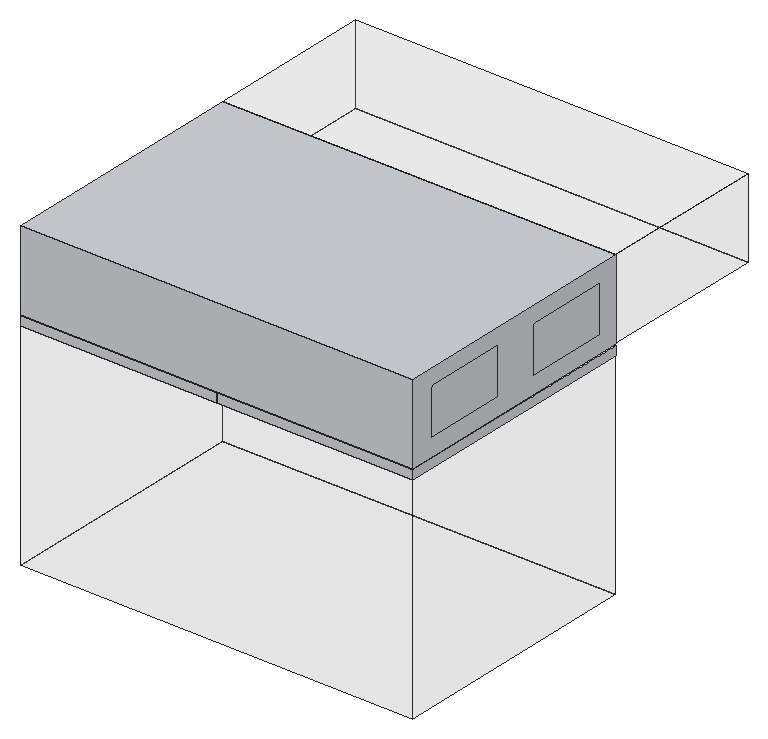
Revit family "AHU 3 _6", category Mechanické zařízení, Revit 2018
Family settings
  Kóta kulaté spojky = Použít průměr
  Typ dílu = Normální
  Číslo OmniClass = 23.75.00.00
  Nadpis OmniClass = Climate Control (HVAC)
  Založené na pracovní rovině = Ne
  Vždy vertikální = Ano
  Ořezat dutým tvarem při načtení = Ne
  Sdílené = Ne
  Bod výpočtu místnosti = Ne
Parameters (values of type "DUPLEXVENT Flexi (3G) DV1100 (RD5)")
  Width [instance] = 1.1 mm
  Weight [instance] = 169.00 kg
  URL = ""
  Type [instance] = "DUPLEXVENT Flexi (3G) DV1100 (RD5)"
  Total_SFP [instance] = 0
  Supply_outlet_hum [instance] = 27.1
  Supply_inlet_hum [instance] = 90
  Supply_ext_pressure [instance] = 200.0 Pa
  Supply_SFP [instance] = 0
  Source_adu_file [instance] = "C:\\\\Users\\\\dgavril\\\\OneDrive - Airflow Developments Ltd\\\\Desktop\\\\adu durley chine V4.adu"
  Recuperation_type [instance] = "Plate heat recovery exchanger"
  Recuperation_efficiency_EN308 [instance] = 77
  Project_name [instance] = "Durley Chine Passivhaus"
  Project_date [instance] = "13-08-2021"
  Power_supply_fusing [instance] = "0"
  Power_supply_cable [instance] = "0"
  Position [instance] = "AHU 3 "
  Phases_count [instance] = 1
  Panel_thickness [instance] = 0.06 mm
  Outer_surface [instance] = "RAL 9002"
  Length [instance] = 1.7 mm
  Insulation_type [instance] = "PUR"
  Insulation_thickness [instance] = 0.05 mm
  Installation_environment [instance] = ""
  Input_power_max [instance] = 770 W
  Inner_surface [instance] = "Pozink"
  I2 [instance] = I1  # 0.0 L/s
  Height [instance] = 0.39 mm
  Exhaust_outlet_hum [instance] = 96.2
  Exhaust_inlet_hum [instance] = 40
  Exhaust_ext_pressure [instance] = 200.0 Pa
  Exhaust_SFP [instance] = 0
  E1 [instance] = E2 - M1  # 0.0 L/s
  E2 [instance] = 0.0 L/s
  I1 [instance] = 0.0 L/s
  Description = ""
  M1 [instance] = 0.0 L/s
  Device_dutypoint_version [instance] = "11"
  Device_design_version [instance] = "36"
  Device_adu_id [instance] = "6"
  Current_max [instance] = 5 A
  Casing_mat [instance] = "painted zinc layer"
  Cable type [instance] = "CYKY 5Jx2,5"
Reference planes
  plane 1 "Střed (vpředu/vzadu)": y = 0
  plane 2 "ref": z = 0
  plane 3 "Střed (vlevo/vpravo)": x = 0
Forms (mm)
  Sweep 1, solid
    path origin (0, 0, -345) x (0, 0, 1) y (1, 0, 0)
      loop
        line (0, 0) -> (345, 0)
    profile origin (0, 0, -345) x (1, 0, 0) y (0, 1, 0)
      loop
        line (0, 0) -> (1700, 0) -> (1700, 1100) -> (0, 1100) -> (0, 0)
  Sweep 2, solid
    path origin (1699, 282, -170) x (1, 0, 0) y (0, 1, 0)
      loop
        line (0, 0) -> (1, 0)
    profile origin (1699, 282, -170) x (0, 1, 0) y (0, 0, 1)
      loop
        line (177, 100) -> (-177, 100) -> (-177, -100) -> (177, -100) -> (177, 100)
  Sweep 3, solid
    path origin (1, 833, -170) x (0, 1, 0) y (-1, 0, 0)
      loop
        line (0, 0) -> (0, 1)
    profile origin (1, 833, -170) x (0, -1, 0) y (0, 0, 1)
      loop
        line (-177, 100) -> (-177, -100) -> (177, -100) -> (177, 100) -> (-177, 100)
  Sweep 4, solid
    path origin (1, 282, -170) x (0, 1, 0) y (-1, 0, 0)
      loop
        line (0, 0) -> (0, 1)
    profile origin (1, 282, -170) x (0, -1, 0) y (0, 0, 1)
      loop
        line (-177, 100) -> (-177, -100) -> (177, -100) -> (177, 100) -> (-177, 100)
  Sweep 5, solid
    path origin (1699, 833, -170) x (1, 0, 0) y (0, 1, 0)
      loop
        line (0, 0) -> (1, 0)
    profile origin (1699, 833, -170) x (0, 1, 0) y (0, 0, 1)
      loop
        line (177, 100) -> (-177, 100) -> (-177, -100) -> (177, -100) -> (177, 100)
  Sweep 6, solid
    path origin (1635, 1100, -365) x (0, 1, 0) y (-1, 0, 0)
      loop
        line (0, 0) -> (30, 0)
    profile origin (1635, 1100, -365) x (-1, 0, 0) y (0, 0, 1)
      loop
        circle (0, 0) r 16
  Sweep 7, solid, material "Servisní prostor"
    path origin (0, 0, -1320) x (0, 0, 1) y (1, 0, 0)
      loop
        line (0, 0) -> (930, 0)
    profile origin (0, 0, -1320) x (1, 0, 0) y (0, 1, 0)
      loop
        line (0, 0) -> (1700, 0) -> (1700, 1100) -> (0, 1100) -> (0, 0)
  Sweep 8, solid, material "Servisní prostor"
    path origin (0, 0, -345) x (0, 0, 1) y (1, 0, 0)
      loop
        line (0, 0) -> (345, 0)
    profile origin (0, 0, -345) x (1, 0, 0) y (0, 1, 0)
      loop
        line (0, 1820) -> (0, 1100) -> (1700, 1100) -> (1700, 1820) -> (0, 1820)
  Sweep 9, solid
    path origin (0, 0, -390) x (0, 0, 1) y (1, 0, 0)
      loop
        line (0, 0) -> (40, 0)
    profile origin (0, 0, -390) x (1, 0, 0) y (0, 1, 0)
      loop
        line (0, 1100) -> (0, 0) -> (850, 0) -> (850, 1100) -> (0, 1100)
  Sweep 10, solid
    path origin (0, 0, -390) x (0, 0, 1) y (1, 0, 0)
      loop
        line (0, 0) -> (40, 0)
    profile origin (0, 0, -390) x (1, 0, 0) y (0, 1, 0)
      loop
        line (850, 1100) -> (850, 0) -> (1700, 0) -> (1700, 1100) -> (850, 1100)
  Sweep 11, solid
    path origin (0, 0, -300) x (0, 0, 1) y (1, 0, 0)
      loop
        line (0, 0) -> (190, 0)
    profile origin (0, 0, -300) x (1, 0, 0) y (0, 1, 0)
      loop
        line (485, 1100) -> (1140, 1100) -> (1140, 1225) -> (485, 1225) -> (485, 1100)
  Sweep 12, solid
    path origin (485, 1163, -205) x (0, 0, -1) y (1, 0, 0)
      loop
        line (0, 0) -> (0, -1)
    profile origin (485, 1163, -205) x (0, 0, -1) y (0, -1, 0)
      loop
        circle (0, 0) r 10
Lines and regions (mm)
  model lines, style "Symbol"
    curve 1: line (750, 0, 0) -> (750, 220, 0)
    curve 2: line (750, 1100, 0) -> (750, 880, 0)
    curve 3: line (0, 550, 0) -> (420, 550, 0)
    curve 4: line (1700, 550, 0) -> (1080, 550, 0)
    curve 5: line (420, 550, 0) -> (585, 880, 0)
    curve 6: line (585, 880, 0) -> (915, 880, 0)
    curve 7: line (915, 880, 0) -> (1080, 550, 0)
    curve 8: line (1080, 550, 0) -> (915, 220, 0)
    curve 9: line (915, 220, 0) -> (750, 220, 0)
    curve 10: line (750, 220, 0) -> (585, 220, 0)
    curve 11: line (585, 220, 0) -> (420, 550, 0)
    curve 12: line (242, 747, 0) -> (66, 777, 0)
    curve 13: line (242, 903, 0) -> (66, 873, 0)
    curve 14: line (1458, 903, 0) -> (1634, 873, 0)
    curve 15: line (1458, 747, 0) -> (1634, 777, 0)
    curve 16: line (1547, 440, 0) -> (1547, 110, 0)
    curve 17: line (1547, 110, 0) -> (1445, 110, 0)
    curve 18: line (1445, 110, 0) -> (1445, 440, 0)
    curve 19: line (1445, 440, 0) -> (1547, 440, 0)
    curve 20: line (1496, 440, 0) -> (1445, 275, 0)
    curve 21: line (1496, 110, 0) -> (1445, 275, 0)
    curve 22: line (153, 110, 0) -> (153, 440, 0)
    curve 23: line (153, 440, 0) -> (255, 440, 0)
    curve 24: line (255, 440, 0) -> (255, 110, 0)
    curve 25: line (255, 110, 0) -> (153, 110, 0)
    curve 26: line (204, 110, 0) -> (255, 275, 0)
    curve 27: line (204, 440, 0) -> (255, 275, 0)
    curve 28: line (926, 217, 0) -> (1075, 512, 0)
    curve 29: line (1075, 512, 0) -> (1124, 487, 0)
    curve 30: line (1124, 487, 0) -> (975, 192, 0)
    curve 31: line (975, 192, 0) -> (926, 217, 0)
    curve 32: line (1025, 401, 0) -> (1085, 420, 0)
    curve 33: line (965, 284, 0) -> (1025, 303, 0)
    curve 34: line (0, 1100, -390) -> (850, 1100, -390)
    curve 35: line (0, 0, -390) -> (850, 0, -390)
    curve 36: line (0, 1100, -390) -> (0, 0, -390)
    curve 37: line (850, 1100, -390) -> (850, 0, -390)
    curve 38: line (0, 1100, -390) -> (0, 1100, -350)
    curve 39: line (850, 1100, -390) -> (850, 1100, -350)
    curve 40: line (0, 0, -390) -> (0, 0, -350)
    curve 41: line (850, 0, -390) -> (850, 0, -350)
    curve 42: line (850, 1100, -390) -> (1700, 1100, -390)
    curve 43: line (850, 0, -390) -> (1700, 0, -390)
    curve 44: line (850, 1100, -390) -> (850, 0, -390)
    curve 45: line (1700, 1100, -390) -> (1700, 0, -390)
    curve 46: line (850, 1100, -390) -> (850, 1100, -350)
    curve 47: line (1700, 1100, -390) -> (1700, 1100, -350)
    curve 48: line (850, 0, -390) -> (850, 0, -350)
    curve 49: line (1700, 0, -390) -> (1700, 0, -350)
    curve 50: line (3, 1100, 0) -> (3, 1155, 0)
    curve 51: line (3, 1155, 0) -> (52, 1155, 0)
    curve 52: line (52, 1155, 0) -> (52, 1100, 0)
    curve 53: line (52, 1100, 0) -> (3, 1100, 0)
    curve 54: line (52, 1100, -150) -> (52, 1100, 0)
    curve 55: line (52, 1100, 0) -> (52, 1155, 0)
    curve 56: line (52, 1155, 0) -> (52, 1155, -150)
    curve 57: line (52, 1155, -150) -> (52, 1100, -150)
    curve 58: line (40, 1100, -150) -> (3, 1100, 0)
    curve 59: line (3, 1100, 0) -> (52, 1100, 0)
    curve 60: line (52, 1100, 0) -> (52, 1100, -150)
    curve 61: line (52, 1100, -150) -> (40, 1100, -150)
    curve 62: line (40, 1155, -150) -> (3, 1155, 0)
    curve 63: line (3, 1155, 0) -> (52, 1155, 0)
    curve 64: line (52, 1155, 0) -> (52, 1155, -150)
    curve 65: line (52, 1155, -150) -> (40, 1155, -150)
    curve 66: line (3, -55, 0) -> (3, 0, 0)
    curve 67: line (3, 0, 0) -> (52, 0, 0)
    curve 68: line (52, 0, 0) -> (52, -55, 0)
    curve 69: line (52, -55, 0) -> (3, -55, 0)
    curve 70: line (52, -55, -150) -> (52, -55, 0)
    curve 71: line (52, -55, 0) -> (52, 0, 0)
    curve 72: line (52, 0, 0) -> (52, 0, -150)
    curve 73: line (52, 0, -150) -> (52, -55, -150)
    curve 74: line (40, -55, -150) -> (3, -55, 0)
    curve 75: line (3, -55, 0) -> (52, -55, 0)
    curve 76: line (52, -55, 0) -> (52, -55, -150)
    curve 77: line (52, -55, -150) -> (40, -55, -150)
    curve 78: line (40, 0, -150) -> (3, 0, 0)
    curve 79: line (3, 0, 0) -> (52, 0, 0)
    curve 80: line (52, 0, 0) -> (52, 0, -150)
    curve 81: line (52, 0, -150) -> (40, 0, -150)
    curve 82: line (1698, 0, 0) -> (1698, -55, 0)
    curve 83: line (1698, -55, 0) -> (1647, -55, 0)
    curve 84: line (1647, -55, 0) -> (1647, 0, 0)
    curve 85: line (1647, 0, 0) -> (1698, 0, 0)
    curve 86: line (1647, 0, -150) -> (1647, 0, 0)
    curve 87: line (1647, 0, 0) -> (1647, -55, 0)
    curve 88: line (1647, -55, 0) -> (1647, -55, -150)
    curve 89: line (1647, -55, -150) -> (1647, 0, -150)
    curve 90: line (1660, 0, -150) -> (1698, 0, 0)
    curve 91: line (1698, 0, 0) -> (1647, 0, 0)
    curve 92: line (1647, 0, 0) -> (1647, 0, -150)
    curve 93: line (1647, 0, -150) -> (1660, 0, -150)
    curve 94: line (1660, -55, -150) -> (1698, -55, 0)
    curve 95: line (1698, -55, 0) -> (1647, -55, 0)
    curve 96: line (1647, -55, 0) -> (1647, -55, -150)
    curve 97: line (1647, -55, -150) -> (1660, -55, -150)
    curve 98: line (1698, 1155, 0) -> (1698, 1100, 0)
    curve 99: line (1698, 1100, 0) -> (1647, 1100, 0)
    curve 100: line (1647, 1100, 0) -> (1647, 1155, 0)
    curve 101: line (1647, 1155, 0) -> (1698, 1155, 0)
    curve 102: line (1647, 1155, -150) -> (1647, 1155, 0)
    curve 103: line (1647, 1155, 0) -> (1647, 1100, 0)
    curve 104: line (1647, 1100, 0) -> (1647, 1100, -150)
    curve 105: line (1647, 1100, -150) -> (1647, 1155, -150)
    curve 106: line (1660, 1155, -150) -> (1698, 1155, 0)
    curve 107: line (1698, 1155, 0) -> (1647, 1155, 0)
    curve 108: line (1647, 1155, 0) -> (1647, 1155, -150)
    curve 109: line (1647, 1155, -150) -> (1660, 1155, -150)
    curve 110: line (1660, 1100, -150) -> (1698, 1100, 0)
    curve 111: line (1698, 1100, 0) -> (1647, 1100, 0)
    curve 112: line (1647, 1100, 0) -> (1647, 1100, -150)
    curve 113: line (1647, 1100, -150) -> (1660, 1100, -150)
    curve 114: circle (165, 825, 0) r 110 normal (0, 0, 1)
    curve 115: circle (1535, 825, 0) r 110 normal (0, 0, 1)
    curve 116: circle (1055, 411, 0) r 8 normal (0, 0, 1)
    curve 117: circle (995, 293, 0) r 8 normal (0, 0, 1)
    curve 118: circle (28, 1127, 0) r 5 normal (0, 0, 1)
    curve 119: circle (28, -28, 0) r 5 normal (0, 0, 1)
    curve 120: circle (1673, -28, 0) r 5 normal (0, 0, 1)
    curve 121: circle (1673, 1127, 0) r 5 normal (0, 0, 1)
Dimensions and locks
  aligned and locked: level to plane 2 "ref"
Connectors
  hvac at (1700, 282, -170), driven by "E1"
    settings: on Sweep 2, index 1, duct flow 0.0 L/s, flow factor 0, pres drop 0.0 Pa, loss coef 0, conn angle 0.00°, conn width 200 mm, conn height 355 mm, conn diameter 609.6 mm, duct sys type 1, conn prof type 1, flow config 1, flow direction 1, loss method 0, conn ref index -1, conn util no, is conn primary yes, conn desc ""
  hvac at (0, 833, -170), driven by "E2"
    settings: on Sweep 3, index 2, duct flow 0.0 L/s, flow factor 1, pres drop 0.0 Pa, loss coef 0, conn angle 0.00°, conn width 200 mm, conn height 355 mm, conn diameter 609.6 mm, duct sys type 1, conn prof type 1, flow config 2, flow direction 2, loss method 0, conn ref index -1, conn util no, is conn primary no, conn desc ""
  hvac at (0, 282, -170), driven by "I1"
    settings: on Sweep 4, index 3, duct flow 0.0 L/s, flow factor 1, pres drop 0.0 Pa, loss coef 0, conn angle 0.00°, conn width 200 mm, conn height 355 mm, conn diameter 609.6 mm, duct sys type 3, conn prof type 1, flow config 2, flow direction 1, loss method 0, conn ref index -1, conn util no, is conn primary no, conn desc ""
  hvac at (1700, 833, -170), driven by "I2"
    settings: on Sweep 5, index 4, duct flow 0.0 L/s, flow factor 0, pres drop 0.0 Pa, loss coef 0, conn angle 0.00°, conn width 200 mm, conn height 355 mm, conn diameter 609.6 mm, duct sys type 3, conn prof type 1, flow config 1, flow direction 2, loss method 0, conn ref index -1, conn util no, is conn primary no, conn desc ""
  piping at (1635, 1130, -365), diameter 22
    settings: on Sweep 6, index 5, connector inside diameter 609.6 mm, connector length 0 mm, flow factor 0, pipe flow 0.0 L/s, pressure drop 0.0 Pa, fitting loss kfactor 0, connector angle 0.00°, fixture units 0, engagement length 0 mm, angle of deflection 0.00°, flow configuration 1, flow direction 2, fitting loss method 0, system type 16, joint type 0, gender type 0, connector reference index -1, connector utility 0, adjustable connector no, is connector primary yes, connector description ""
  electrical at (484, 1163, -205)
    settings: on Sweep 12, index 6, voltage 230 V, apparent load 0 VA, apparent load phase1 0 VA, apparent load phase2 0 VA, apparent load phase3 0 VA, power factor 1, load classification "Další", number of poles 1, system type 31, power factor state 1, is connector primary yes, connector utility no, sub classification motor no, connector description ""
